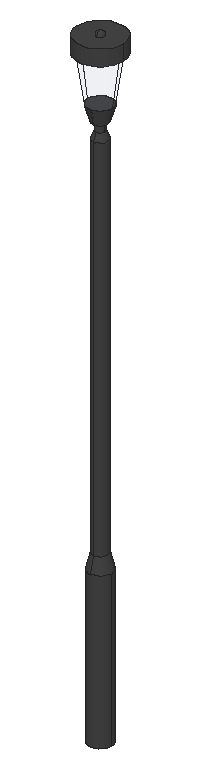
Revit family
Parameters
  Wattage = 250 W
  built-in parameter 1150110 = 1 (stored number, unit not read)
  built-in parameter 1114217 = 1 (stored number, unit not read)
  built-in parameter 1150109 = 1 (stored number, unit not read)
  built-in parameter 1150134 = 3
  built-in parameter 1150113 = 1 (stored number, unit not read)
  Material Lamp Post = Paint - Black Matte
  Material Lamp Glazing = Glass
  Main Radius = Base Radius - 25 mm  # 50 mm
  built-in parameter 1150105 = 358.1 (stored number, unit not read)
  Lumens = 4500 lm
  built-in parameter 1150115 = 1 (stored number, unit not read)
  Light top radius = Light Radius + 25 mm  # 150 mm
  Light Source Symbol Size = 609.6 mm
  Light Radius = 125 mm
  built-in parameter 1150137 = (empty or 0)
  built-in parameter 1150139 = (empty or 0)
  Light Base Radius = Main Radius - 20 mm  # 30 mm
  built-in parameter 1150112 = 1 (stored number, unit not read)
  built-in parameter 1150114 = 1 (stored number, unit not read)
  Keynote = "V"
  built-in parameter 1150132 = (empty or 0)
  built-in parameter 1150102 = (empty or 0)
  built-in parameter 1150107 = 3200 (stored number, unit not read)
  built-in parameter 1150138 = (empty or 0)
  built-in parameter 1150106 = 3.581 (stored number, unit not read)
  Height = 3500 mm
  built-in parameter 1150104 = 1.6723 (stored number, unit not read)
  Dimming Lamp Color Temperature Shift = (empty or 0)
  Color Filter = 16777215
  Base Radius = 75 mm
  Base Height = 1000 mm
  built-in parameter 1114218 = 1 (stored number, unit not read)
  built-in parameter 1150133 = 10 (stored number, unit not read)
Reference planes
  plane 1 "Light Source Axis (F/B)": y = 0
  plane 2: z = 0
  plane 3 "Light Source Axis (L/R)": x = 0
  plane 4 "Light Source Elevation": z = 3500
  plane 5: z = 1000
  plane 6: z = 1100
  plane 7: z = 3600
  plane 8: z = 3700
  plane 9: z = 4000
  plane 10: z = 4100
  plane 11: z = 3550
  plane 12: z = 3850
Forms (mm)
  Extrusion 1, solid, material "Paint - Black Matte" <- "Material Lamp Post"
    sketch origin (0, 0, 0) x (1, 0, 0) y (0, 1, 0)
      loop
        circle (0, 0) r 75
    from 0 to 1000
  Extrusion 2, solid, material "Paint - Black Matte" <- "Material Lamp Post"
    sketch origin (0, 0, 1000) x (0, -1, 0) y (-1, 0, 0)
      loop
        circle (0, 0) r 50
    from -100 to -2500
  Blend 3, solid, material "Paint - Black Matte" <- "Material Lamp Post"
    base sketch origin (0, 0, 1000) x (0, -1, 0) y (1, 0, 0)
      loop
        circle (0, 0) r 75
    top sketch origin (0, 0, 1000) x (0, -1, 0) y (1, 0, 0)
      loop
        circle (0, 0) r 50
    from 0 to 100
  Blend 4, solid, material "Paint - Black Matte" <- "Material Lamp Post"
    base sketch origin (0, 0, 3600) x (0, -1, 0) y (1, 0, 0)
      loop
        circle (0, 0) r 50
    top sketch origin (0, 0, 3600) x (0, -1, 0) y (1, 0, 0)
      loop
        circle (0, 0) r 80
    from 0 to 100
  Extrusion 5, solid, material "Paint - Black Matte" <- "Material Lamp Post"
    sketch origin (0, 0, 3550) x (-1, 0, 0) y (0, 1, 0)
      loop
        circle (0, 0) r 30
    from 0 to -50
  Blend 6, solid, material "Glass" <- "Material Lamp Glazing"
    base sketch origin (0, 0, 3700) x (-1, 0, 0) y (0, -1, 0)
      loop
        circle (0, 0) r 80
    top sketch origin (0, 0, 3700) x (-1, 0, 0) y (0, -1, 0)
      loop
        circle (0, 0) r 125
    from 0 to 300
  Extrusion 7, solid, material "Paint - Black Matte" <- "Material Lamp Post"
    sketch origin (0, 0, 4000) x (-1, 0, 0) y (0, -1, 0)
      loop
        circle (0, 0) r 150
    from 0 to 100
  Revolve 8, solid, material "Paint - Black Matte" <- "Material Lamp Post"
    sketch origin (0, 0, 0) x (0, 1, 0) y (0, 0, 1)
      loop
        line (0, 4125) -> (0, 4123)
        arc (0, 4123) -> (16.263, 4116.263) -> (23, 4100) r 23
        line (23, 4100) -> (25, 4100)
        arc (25, 4100) -> (17.678, 4117.678) -> (0, 4125) r 25
      axis (0, 4100) -> (0, 4125)
    angle from 0 to 360
  Blend 9, solid, material "Paint - Black Matte" <- "Material Lamp Post"
    base sketch origin (0, 0, 3500) x (0, -1, 0) y (1, 0, 0)
      loop
        circle (0, 0) r 50
    top sketch origin (0, 0, 3500) x (0, -1, 0) y (1, 0, 0)
      loop
        circle (0, 0) r 30
    from 0 to 50
Lines and regions (mm)
  Masking region 1
    outline origin (0, 0, 3500) x (0, -1, 0) y (1, 0, 0)
      loop
        circle (0, 0) r 150
  symbolic lines
    curve 1: arc (150, 0, 3500) -> (0, 150, 3500) -> (-150, 0, 3500) r 150
    curve 2: arc (-150, 0, 3500) -> (0, -150, 3500) -> (150, 0, 3500) r 150
    curve 3: arc (-125, 0, 3500) -> (0, -125, 3500) -> (125, 0, 3500) r 125
    curve 4: arc (125, 0, 3500) -> (0, 125, 3500) -> (-125, 0, 3500) r 125
    curve 5: arc (30, 0, 3500) -> (0, -30, 3500) -> (-30, 0, 3500) r 30
    curve 6: arc (-30, 0, 3500) -> (0, 30, 3500) -> (30, 0, 3500) r 30
Dimensions and locks
  "Height": plane 4 "Light Source Elevation" to plane 2
  "Base Height": plane 5 to plane 2
  locked: plane 6 to plane 5 at 100
  plane 7 to plane 4 "Light Source Elevation" = 100 mm
  plane 8 to plane 7 = 100 mm
  plane 10 to plane 9 = 100 mm
  plane 9 to plane 8 = 300 mm
  equal spacing: plane 4 "Light Source Elevation", plane 11, plane 7
  locked: plane 12 to plane 4 "Light Source Elevation" at 350
  "Base Radius": radius of Extrusion 1 sketch curve
  "Main Radius": radius of Extrusion 2 sketch curve
  "Light Radius": radius of Blend 6 sketch curve
  "Light top radius": radius of Extrusion 7 sketch curve
  "Main Radius": radius of Blend 9 sketch curve
  "Light Base Radius": radius of Blend 9 sketch curve
  "Light Base Radius": radius of Extrusion 5 sketch curve
  aligned and locked: Extrusion 1 to plane 5
  aligned and locked: plane 6 to Extrusion 2
  aligned and locked: Blend 3 sketch curve to Extrusion 1
  aligned and locked: Blend 3 sketch curve to Extrusion 2
  aligned and locked: Blend 3 to plane 6
  aligned and locked: plane 5 to Blend 3
  aligned and locked: plane 5 to Extrusion 1
  aligned and locked: Blend 4 sketch curve to Extrusion 2
  aligned and locked: Extrusion 5 to plane 7
  aligned and locked: Blend 6 sketch curve to Blend 4
  aligned and locked: Revolve 8 sketch curve to plane 1 "Light Source Axis (F/B)"
  aligned and locked: Revolve 8 sketch curve to plane 10
  aligned and locked: Revolve 8 sketch curve to Extrusion 7
  aligned and locked: curve 1 to Extrusion 7
  aligned and locked: curve 2 to Extrusion 7
  aligned and locked: curve 3 to Blend 6
  aligned and locked: curve 4 to Blend 6
  aligned and locked: curve 5 to Extrusion 5
  aligned and locked: curve 6 to Extrusion 5
  aligned and locked: Masking region 1 sketch curve to Extrusion 7  (x2)
  aligned and locked: plane 1 "Light Source Axis (F/B)" to imposter light
  aligned and locked: imposter light to plane 12
  aligned and locked: plane 3 "Light Source Axis (L/R)" to imposter light
  aligned and locked: plane 12 to imposter light
  aligned and locked: Extrusion 2 to plane 4 "Light Source Elevation"
  aligned and locked: plane 4 "Light Source Elevation" to Blend 9
Automatic sketch dimensions
  Extrusion 1 sketch curve to plane 1 "Light Source Axis (F/B)" = 0 mm
  Extrusion 1 sketch curve to plane 3 "Light Source Axis (L/R)" = 0 mm
  Extrusion 2 sketch curve to plane 1 "Light Source Axis (F/B)" = 0 mm
  Extrusion 2 sketch curve to plane 3 "Light Source Axis (L/R)" = 0 mm
  Extrusion 5 sketch curve to plane 1 "Light Source Axis (F/B)" = 0 mm
  Extrusion 5 sketch curve to plane 3 "Light Source Axis (L/R)" = 0 mm
  Blend 6 sketch curve to plane 1 "Light Source Axis (F/B)" = 0 mm
  Blend 6 sketch curve to plane 3 "Light Source Axis (L/R)" = 0 mm
  Blend 4 sketch curve to plane 1 "Light Source Axis (F/B)" = 0 mm
  Blend 4 sketch curve to plane 3 "Light Source Axis (L/R)" = 0 mm
  Extrusion 7 sketch curve to plane 1 "Light Source Axis (F/B)" = 0 mm
  Extrusion 7 sketch curve to plane 3 "Light Source Axis (L/R)" = 0 mm
  Revolve 8 sketch curve to plane 10 = 0 mm
  Revolve 8 sketch curve to plane 1 "Light Source Axis (F/B)" = 23 mm
  Revolve 8 sketch curve to Revolve 8 sketch curve = 2 mm
  Revolve 8 sketch curve to Revolve 8 sketch curve = 10 mm
  Blend 9 sketch curve to plane 1 "Light Source Axis (F/B)" = 0 mm  (x2)
  Blend 9 sketch curve to plane 3 "Light Source Axis (L/R)" = 0 mm  (x2)
  radius of Blend 4 sketch curve = 80 mm
